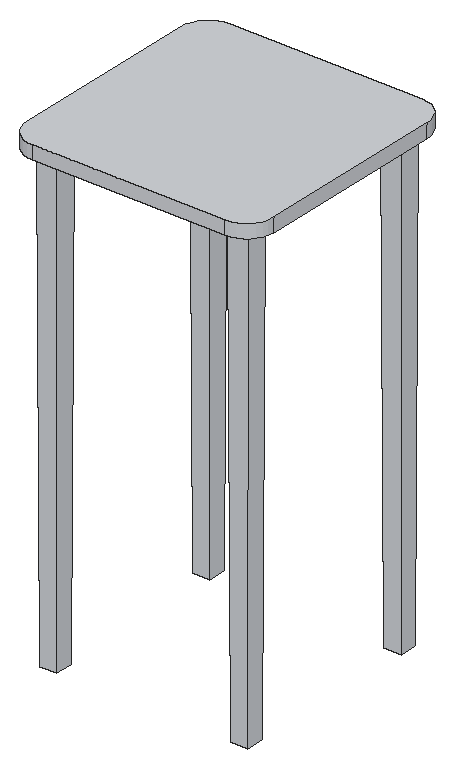
Revit family "Table - Square", category Generic Models, Revit 2023
Family settings
  Can host rebar = No
  Round Connector Dimension = Use Diameter
  Part Type = Normal
  Work Plane-Based = No
  Always vertical = Yes
  Cut with Voids When Loaded = No
  Maintain Annotation Orientation = No
  Shared = No
  Room Calculation Point = No
Parameters
  Thickness [instance] = 0' - 2"
  Sides [instance] = 3' - 0"
  Leg Inset [instance] = 0' - 4"
  Leg Height [instance] = Height - Thickness  # 5' - 8"
  Height [instance] = 5' - 10"
  Default Elevation = 0' - 0"
  Corner Fillet [instance] = 0' - 4"
Reference planes (in)
  plane 1 "Center (Front/Back)": y = 0
  plane 2: z = 0
  plane 3 "Center (Left/Right)": x = 0
  plane 4: x = -18
  plane 5: x = 18
  plane 6: y = 18
  plane 7: y = -18
  plane 8: z = 70
  plane 9: z = 68
  plane 10: y = 14
  plane 11: x = 14
  plane 12: y = -14
  plane 13: x = -14
Forms (in)
  Extrusion 1, solid
    sketch origin (0, 0, 0) x (1, 0, 0) y (0, 1, 0)
      loop
        arc (-14, 18) -> (-16.82843, 16.82843) -> (-18, 14) r 4
        line (-18, 14) -> (-18, -14)
        arc (-18, -14) -> (-16.82843, -16.82843) -> (-14, -18) r 4
        line (-14, -18) -> (14, -18)
        arc (14, -18) -> (16.82843, -16.82843) -> (18, -14) r 4
        line (18, -14) -> (18, 14)
        arc (18, 14) -> (16.82843, 16.82843) -> (14, 18) r 4
        line (14, 18) -> (-14, 18)
    from 68 to 70
Dimensions and locks (in)
  equal spacing: plane 6, plane 1 "Center (Front/Back)", plane 7
  equal spacing: plane 4, plane 3 "Center (Left/Right)", plane 5
  "Sides": plane 4 to plane 5
  "Sides": plane 6 to plane 7
  "Height": plane 8 to level
  "Thickness": plane 8 to plane 9
  "Leg Inset": plane 4 to plane 13
  "Leg Inset": plane 6 to plane 10
  "Leg Inset": plane 11 to plane 5
  "Leg Inset": plane 12 to plane 7
  "Corner Fillet": radius of Extrusion 1 sketch curve  (x4)
  aligned and locked: plane 2 to level
  aligned and locked: Extrusion 1 sketch curve to plane 6
  aligned and locked: Extrusion 1 sketch curve to plane 4
  aligned and locked: plane 7 to Extrusion 1 sketch curve
  aligned and locked: Extrusion 1 sketch curve to plane 5
  aligned and locked: plane 8 to Extrusion 1
  aligned and locked: Extrusion 1 to plane 9
  aligned and locked: plane 11 to nested 2
  aligned and locked: nested 2 to plane 10
  aligned and locked: nested 1 to plane 13
  aligned and locked: nested 1 to plane 10
  aligned and locked: nested 4 to plane 13
  aligned and locked: plane 12 to nested 4
  aligned and locked: plane 11 to nested 3
  aligned and locked: plane 12 to nested 3
Nested families (in)
  nested 1: "Square Leg" at (-14, 14, 0), type "Square Leg"
    with Height 5' - 8"
  nested 2: "Square Leg" at (14, 14, 0), type "Square Leg"
    with Height 5' - 8"
  nested 3: "Square Leg" at (14, -14, 0), type "Square Leg"
    with Height 5' - 8"
  nested 4: "Square Leg" at (-14, -14, 0), type "Square Leg"
    with Height 5' - 8"
Definition of nested family "Square Leg"
  Parameters
    Top Size = 0' - 3"
    Height = 3' - 7.38655"
    Default Elevation = 0' - 0"
    Base Size = 0' - 2 1/2"
  Reference planes (in)
    plane 1 "Center (Front/Back)": y = 0
    plane 2: z = 0
    plane 3 "Center (Left/Right)": x = 0
    plane 4: x = -1.25
    plane 5: x = 1.25
    plane 6: y = 1.25
    plane 7: y = -1.25
    plane 8: y = 1.5
    plane 9: x = -1.5
    plane 10: y = -1.5
    plane 11: x = 1.5
    plane 12: z = 43.38655
  Forms (in)
    Blend 1, solid
      base sketch origin (0, 0, 0) x (1, 0, 0) y (0, 1, 0)
        loop
          line (-1.25, 1.25) -> (-1.25, -1.25) -> (1.25, -1.25) -> (1.25, 1.25) -> (-1.25, 1.25)
      top sketch origin (0, 0, 0) x (1, 0, 0) y (0, 1, 0)
        loop
          line (-1.5, 1.5) -> (-1.5, -1.5) -> (1.5, -1.5) -> (1.5, 1.5) -> (-1.5, 1.5)
      from 0 to 43.38655
  Dimensions and locks (in)
    equal spacing: plane 4, plane 3 "Center (Left/Right)", plane 5
    equal spacing: plane 6, plane 1 "Center (Front/Back)", plane 7
    "Base Size": plane 6 to plane 7
    "Base Size": plane 4 to plane 5
    "Top Size": plane 9 to plane 11
    "Top Size": plane 8 to plane 10
    equal spacing: plane 8, plane 1 "Center (Front/Back)", plane 10
    equal spacing: plane 9, plane 3 "Center (Left/Right)", plane 11
    "Height": plane 12 to level
    aligned and locked: plane 2 to level
    aligned and locked: Blend 1 sketch curve to plane 6
    aligned and locked: Blend 1 sketch curve to plane 4
    aligned and locked: Blend 1 sketch curve to plane 7
    aligned and locked: Blend 1 sketch curve to plane 5
    aligned and locked: Blend 1 sketch curve to plane 8
    aligned and locked: plane 9 to Blend 1 sketch curve
    aligned and locked: plane 10 to Blend 1 sketch curve
    aligned and locked: plane 11 to Blend 1 sketch curve
    aligned and locked: Blend 1 to level
    aligned and locked: plane 12 to Blend 1
